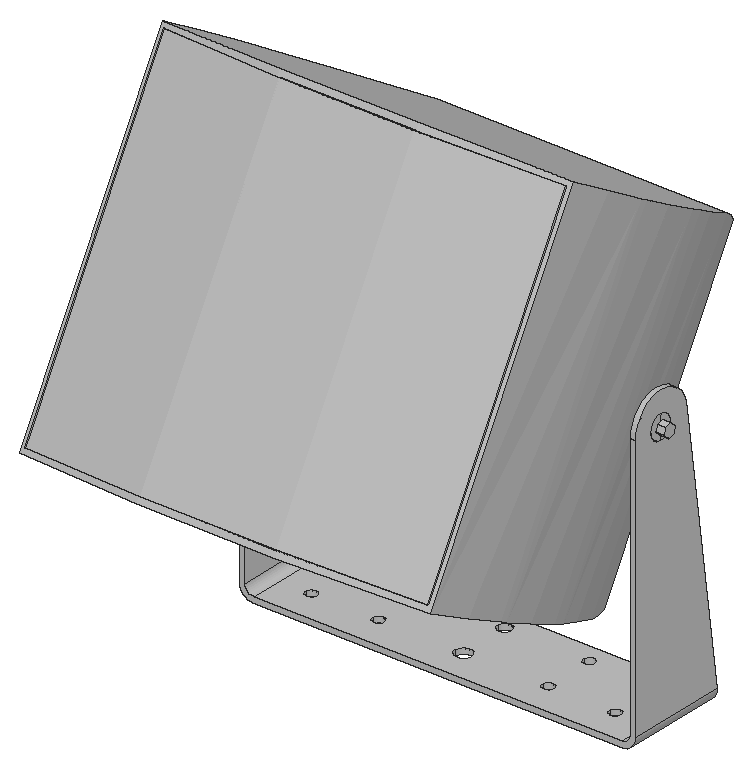
Revit family "Electronics_Community_Biamp_Three-Way-Full-Range-Weather-Resistant-Loudspeaker_R35-3896-EN", category Communication Devices, host Face, Revit 2020
Family settings
  Host = Face
  Maintain Annotation Orientation = No
  Round Connector Dimension = Use Diameter
  Part Type = Normal
  OmniClass Number = 23.85.10.11.14.14.14
  OmniClass Title = Loudspeakers
  Cut with Voids When Loaded = No
  Shared = No
  Room Calculation Point = No
Parameters (values of type "R.35-3896-EN")
  Yoke Material = Biamp - Metal - Gray
  Width = 12.99213"  # constant formula
  Weight = 34.00 lbf  # constant formula
  Visib_For2D [instance] = Rotate angle = 0.00°  # no
  Version = 1
  URL = "https://www.biamp.com/"
  Triaxial Transducers = "LF  1 x 8 Carbon ring hydrophobically-treated cone, 3 VC MF 2 x 2.35 MultiSource Waveguide™ compression HF  1 x 1 exit compression"  # constant formula
  Shipping Weight = 40.00 lbf  # constant formula
  Sensitivity = "Music; 1W/1m - 98 dB, 1W/4m - 82.4 dB;  Speech; 1W/1m - 100 dB"  # constant formula
  Rotate angle [instance] = 30.00°
  Required Accessories = "Digital Signal Processor;  80 Hz 24 dB / Octave High Pass Filter"  # constant formula
  Product data url = "https://bimobject.com/biamp/product/r-35-3896-en_community-en54-24"
  Product Page URL = "https://www.biamp.com/products/product-families/community/point-source#r-35-3896"
  Product Documentation Link = "https://downloads.biamp.com/assets/docs/default-source/data-sheets/biamp_data_sheet_community_r-35-3896_oct21.pdf"
  Operating Range = "95 Hz to 19 kHz"  # constant formula
  Operating Mode = "Passive, Selectable Low Impedance or 70V/100V"  # constant formula
  Operating Environment = "All Conditions, suitable for continuous outdoor direct exposure"  # constant formula
  Nominal Maximum SPL (Whole Space) = "Music - 1m - Continuius 124 dB, Peak 130dB; 4m - Continuius 103.4; Speech - 1m - Continuius 126 dB, Peak 132dB"  # constant formula
  Nominal Beamwidth = "90° x 60°"  # constant formula
  Nom angle [instance] = if(or(Rotate angle < 0.00°, Rotate angle = 0.00°), 0.00°, if(and(Rotate angle > 0.00°, Rotate angle < 170.00°), Rotate angle, if(or(Rotate angle > 170.00°, Rotate angle = 170.00°), 170.00°, 0.00°)))  # 30.00°
  Mounting/Suspension Points = "Two M8 rigging points, zinc-rich epoxy dual-layer powder-coated yoke, included integral safety cable mounting point"  # constant formula
  Model = "R.35-3896-EN"  # constant formula
  Manufacturer = "Biamp"  # constant formula
  Input Panel Weather Cover = "Color-matched ABS plastic with 13.5mm ID gland nut installed in 21mm knockout"  # constant formula
  Input Connection = "NL4 Speakon-type connector for low impedance operation only; and 7-position terminal strip for low impedance or constant voltage operation"  # constant formula
  Housing Material = Biamp - Plastic - Gray
  Height = 10.98425"  # constant formula
  Grill Material = Biamp - Plastic - Gray(Grid)
  Environmental = "IP55W per IEC 60529 (with a recommended 5° down-tilt); designed to meet MIL-STD-810G standard"  # constant formula
  Description = "R.35-3896-EN Three-Way Full-Range (90° x 60°) Weather-Resistant Loudspeaker"  # constant formula
  Depth = 13.50394"  # constant formula
  Default Elevation = 48.00"
  Declared values of SPL 1-3 Oct band CPB,1W-4m, per EN54-24 (Hz dB) = "500: 69.3, 630: 69.7, 800: 69.2, 1000: 69.2,1250: 70.5, 1600: 69.1, 2000: 67.5, 2500: 70.8,3150: 69.4, 4000: 71.7"  # constant formula
  Date Updated = ""
  Date Created = "2023/08/21"
  Coverage (-6dB) Horiz Vert per EN54-24 = "500Hz: 146 / 180 1 kHz: 110 / 110 ; 2 kHz: 88 / 103  4 kHz: 81 / 46"  # constant formula
  Continuous Power Handling @ Nominal Impedance = "56V; 400W @ 8 ohms (1600W peak)"  # constant formula
  Connector Description = "NL4, 2-position terminal strip; Low Impedance 8 ohm, 70V/100V operation"  # constant formula
  Autoformer Taps/Impedance = "25W (70V), 50W (100V) Tap: 143 Ω 50W (70V), 100W (100V) Tap: 75 Ω; 100W (70V), 200W (100V) Tap: 41 Ω 200W (70V), N/A (100V) Tap: 23 Ω"  # constant formula
Reference planes (in)
  plane 1 "Center (Front/Back)": y = 0
  plane 2: z = 0
  plane 3 "Center (Left/Right)": x = 0
  plane 4: z = 8.53543
Forms (in)
  Sweep 1, solid, material "Biamp - Metal - Gray" <- "Yoke Material", detail levels coarse
    path origin (0, 0.66952, 0) x (1, 0, 0) y (0, 1, 0)
      loop
        line (0, -1.58406) -> (0, 1.58406)
    profile origin (0, 0.66952, 0) x (-1, 0, 0) y (0, 0, 1)
      loop
        line (6.05709, 0) -> (6.05709, 9.52756) -> (5.89961, 9.52756) -> (5.89961, 0.15748) -> (-5.89961, 0.15748) -> (-5.89961, 9.52756) -> (-6.05709, 9.52756) -> (-6.05709, 0) -> (6.05709, 0)
  Sweep 2, void
    path origin (0, 0.66952, 0) x (1, 0, 0) y (0, 1, 0)
      loop
        line (-6.05709, 0) -> (6.05709, 0)
    profile origin (0, 0.66952, 0) x (0, 1, 0) y (0, 0, 1)
      loop
        line (1.58406, 0) -> (1.58406, 9.84252) -> (0.20075, 9.84252) -> (1.58406, 0)
      loop
        circle (-0.66952, 8.53543) r 0.25591
  Sweep 3, solid, material "Biamp - Metal - Gray" <- "Yoke Material", detail levels medium+fine
    path origin (0, 0.66952, 0) x (1, 0, 0) y (0, 1, 0)
      loop
        line (0, -1.58406) -> (0, 1.58406)
    profile origin (0, 0.66952, 0) x (-1, 0, 0) y (0, 0, 1)
      loop
        arc (5.66339, 0) -> (5.94177, 0.11531) -> (6.05709, 0.3937) r 0.3937
        line (6.05709, 0.3937) -> (6.05709, 9.52756) -> (5.89961, 9.52756) -> (5.89961, 0.43574)
        arc (5.89961, 0.43574) -> (5.81811, 0.23898) -> (5.62135, 0.15748) r 0.27826
        line (5.62135, 0.15748) -> (-5.62135, 0.15748)
        arc (-5.62135, 0.15748) -> (-5.81811, 0.23898) -> (-5.89961, 0.43574) r 0.27826
        line (-5.89961, 0.43574) -> (-5.89961, 9.52756) -> (-6.05709, 9.52756) -> (-6.05709, 0.3937)
        arc (-6.05709, 0.3937) -> (-5.94177, 0.11531) -> (-5.66339, 0) r 0.3937
        line (-5.66339, 0) -> (5.66339, 0)
  Sweep 4, void
    path origin (0, 0, 0) x (1, 0, 0) y (0, 1, 0)
      loop
        line (-6.05709, 0) -> (6.05709, 0)
    profile origin (0, 0, 0) x (0, 1, 0) y (0, 0, 1)
      loop
        arc (-0.91453, 8.53543) -> (0.06972, 9.51969) -> (1.05397, 8.53543) r 0.98425
        line (1.05397, 8.53543) -> (1.05397, 9.91339) -> (-0.91453, 9.91339) -> (-0.91453, 8.53543)
  Extrusion 5, void
    sketch origin (0, 0, 0) x (1, 0, 0) y (0, 1, 0)
      loop
        circle (2.59843, 1.64452) r 0.17717
      loop
        circle (4.64961, 1.64452) r 0.17717
      loop
        circle (2.59843, 0.06972) r 0.17717
      loop
        circle (4.64961, 0.06972) r 0.17717
      loop
        circle (-2.59843, 1.64452) r 0.17717
      loop
        circle (-4.64961, 1.64452) r 0.17717
      loop
        circle (-2.59843, 0.06972) r 0.17717
      loop
        circle (-4.64961, 0.06972) r 0.17717
      loop
        circle (0, 1.64452) r 0.21654
      loop
        circle (0, 0.06972) r 0.25591
    from 0 to 0.15748
  Revolve 6, solid, material "Biamp - Metal - Gray" <- "Yoke Material"
    sketch origin (0, 0, 0) x (1, 0, 0) y (0, 0, 1)
      loop
        line (-6.05709, 8.77613) -> (-6.05709, 8.896) -> (-6.0892, 8.896) -> (-6.0892, 8.53543) -> (-5.7296, 8.53543) -> (-5.7296, 8.77613) -> (-6.05709, 8.77613)
      loop
        line (6.05709, 8.77613) -> (5.7296, 8.77613) -> (5.7296, 8.53543) -> (6.0892, 8.53543) -> (6.0892, 8.896) -> (6.05709, 8.896) -> (6.05709, 8.77613)
      axis (-6.0892, 8.53543) -> (6.0892, 8.53543)
    angle from 0 to 360
  Sweep 7, solid, material "Biamp - Metal - Gray" <- "Yoke Material", detail levels medium+fine
    path origin (0, 0, 0) x (1, 0, 0) y (0, 1, 0)
      loop
        line (-6.0892, 0) -> (-6.37079, 0)
    profile origin (-6.22999, 0, 0) x (0, -1, 0) y (0, 0, 1)
      loop
        line (-0.05214, 8.73002) -> (-0.19459, 8.58757) -> (-0.14245, 8.39298) -> (0.05214, 8.34084) -> (0.19459, 8.48329) -> (0.14245, 8.67788) -> (-0.05214, 8.73002)
  Sweep 8, solid, material "Biamp - Metal - Gray" <- "Yoke Material", detail levels medium+fine
    path origin (0, 0, 0) x (-1, 0, 0) y (0, 1, 0)
      loop
        line (-6.0892, 0) -> (-6.37079, 0)
    profile origin (6.22999, 0, 0) x (0, 1, 0) y (0, 0, 1)
      loop
        line (0.05214, 8.73002) -> (-0.14245, 8.67788) -> (-0.19459, 8.48329) -> (-0.05214, 8.34084) -> (0.14245, 8.39298) -> (0.19459, 8.58757) -> (0.05214, 8.73002)
Cuts and joins
  Sweep 2, Extrusion 5 cuts Sweep 1
  Sweep 2, Sweep 4, Extrusion 5 cuts Sweep 3
Lines and regions (in)
  Masking region 1, visible <- "Visib_For2D"
    outline origin (0, 0, 0) x (1, 0, 0) y (0, 1, 0)
      loop
        line (-6.05709, 2.25358) -> (-6.05709, -0.91453) -> (6.05709, -0.91453) -> (6.05709, 2.25358) -> (-6.05709, 2.25358)
  reference lines
    curve 1: line (0, 0, 8.53543) -> (0, -2.94884, 10.23795)
Dimensions and locks (in)
  "Nom angle": angle plane 4 to curve 1
  aligned and locked: plane 2 to host face
  aligned and locked: level to host face
  aligned and locked: plane 4 to curve 1
  aligned and locked: plane 1 "Center (Front/Back)" to curve 1
  aligned and locked: Sweep 7 sketch curve to plane 1 "Center (Front/Back)"
Automatic sketch dimensions
  host sketch curve to host sketch curve = 96.00"  (x2)
  Sweep 1 sketch curve to plane 3 "Center (Left/Right)" = 0.00"
  plane 1 "Center (Front/Back)" to Sweep 1 sketch curve = 0.91453"
  Sweep 1 sketch curve to plane 1 "Center (Front/Back)" = 2.25358"
  Sweep 1 sketch curve to level = 0.00"
  profile plane to Sweep 1 sketch curve = 6.05709"
  Sweep 1 sketch curve to Sweep 1 sketch curve = 0.15748"  (x2)
  level to Sweep 1 sketch curve = 0.15748"
  Sweep 1 sketch curve to profile plane = 5.89961"
  Sweep 1 sketch curve to Sweep 1 sketch curve = 9.37008"  (x2)
  Sweep 2 sketch curve to plane 1 "Center (Front/Back)" = 0.66952"
  Sweep 2 sketch curve to plane 3 "Center (Left/Right)" = 6.05709"
  plane 3 "Center (Left/Right)" to Sweep 2 sketch curve = 6.05709"
  Sweep 2 sketch curve to level = 0.00"
  profile plane to Sweep 2 sketch curve = 0.66952"
  Sweep 2 sketch curve to profile plane = 0.20075"
  Sweep 2 sketch curve to Sweep 2 sketch curve = 1.38331"
  level to Sweep 2 sketch curve = 8.53543"
  Sweep 2 sketch curve to Sweep 2 sketch curve = 1.30709"
  Sweep 3 sketch curve to plane 3 "Center (Left/Right)" = 0.00"
  plane 1 "Center (Front/Back)" to Sweep 3 sketch curve = 0.91453"
  Sweep 3 sketch curve to plane 1 "Center (Front/Back)" = 2.25358"
  Sweep 3 sketch curve to level = 0.00"
  profile plane to Sweep 3 sketch curve = 6.05709"
  Sweep 3 sketch curve to Sweep 3 sketch curve = 0.15748"  (x2)
  Sweep 3 sketch curve to Sweep 3 sketch curve = 0.23622"  (x2)
  Sweep 3 sketch curve to Sweep 3 sketch curve = 0.04204"  (x2)
  level to Sweep 3 sketch curve = 0.15748"
  Sweep 3 sketch curve to profile plane = 5.62135"
  Sweep 3 sketch curve to Sweep 3 sketch curve = 9.09182"  (x2)
  plane 1 "Center (Front/Back)" to Sweep 4 sketch curve = 0.00"
  Sweep 4 sketch curve to plane 3 "Center (Left/Right)" = 6.05709"
  plane 3 "Center (Left/Right)" to Sweep 4 sketch curve = 6.05709"
  profile plane to Sweep 4 sketch curve = 0.91453"
  Sweep 4 sketch curve to profile plane = 0.06972"
  level to Sweep 4 sketch curve = 8.53543"
  Sweep 4 sketch curve to Sweep 4 sketch curve = 1.37795"
  Extrusion 5 sketch curve to plane 3 "Center (Left/Right)" = 0.00"  (x2)
  Extrusion 5 sketch curve to plane 3 "Center (Left/Right)" = 2.59843"
  Extrusion 5 sketch curve to plane 1 "Center (Front/Back)" = 0.06972"  (x5)
  Extrusion 5 sketch curve to Extrusion 5 sketch curve = 0.00"  (x4)
  Extrusion 5 sketch curve to Extrusion 5 sketch curve = 2.05118"  (x2)
  plane 3 "Center (Left/Right)" to Extrusion 5 sketch curve = 2.59843"
  Extrusion 5 sketch curve to Extrusion 5 sketch curve = 1.5748"  (x5)
  Revolve 6 sketch curve to plane 4 = 0.00"  (x3)
  Revolve 6 sketch curve to plane 3 "Center (Left/Right)" = 6.0892"
  Revolve 6 sketch curve to Revolve 6 sketch curve = 0.03211"  (x2)
  Revolve 6 sketch curve to Revolve 6 sketch curve = 0.3596"
  plane 3 "Center (Left/Right)" to Revolve 6 sketch curve = 5.7296"
  Revolve 6 sketch curve to Revolve 6 sketch curve = 0.32748"
  plane 4 to Revolve 6 sketch curve = 0.2407"  (x2)
  Revolve 6 sketch curve to Revolve 6 sketch curve = 0.11987"  (x2)
  Revolve 6 sketch curve to Revolve 6 sketch curve = 1.34584"
  Revolve 6 sketch curve to Revolve 6 sketch curve = 1.23954"
  Sweep 7 sketch curve to plane 3 "Center (Left/Right)" = 6.37079"
  Sweep 7 sketch curve to Sweep 7 sketch curve = 0.28159"
  profile plane to Sweep 7 sketch curve = 0.19459"
  profile plane to Sweep 7 sketch curve = 0.14245"
  profile plane to Sweep 7 sketch curve = 0.05214"
  Sweep 7 sketch curve to profile plane = 0.05214"
  Sweep 7 sketch curve to profile plane = 0.14245"
  Sweep 7 sketch curve to profile plane = 0.19459"
  level to Sweep 7 sketch curve = 8.34084"
  Sweep 7 sketch curve to Sweep 7 sketch curve = 0.05214"
  Sweep 7 sketch curve to Sweep 7 sketch curve = 0.14245"  (x2)
  Sweep 7 sketch curve to Sweep 7 sketch curve = 0.19459"  (x2)
  plane 1 "Center (Front/Back)" to Sweep 8 sketch curve = 0.00"
  Sweep 8 sketch curve to plane 3 "Center (Left/Right)" = 6.37079"
  Sweep 8 sketch curve to Sweep 8 sketch curve = 0.28159"
  profile plane to Sweep 8 sketch curve = 0.19459"
  profile plane to Sweep 8 sketch curve = 0.14245"
  profile plane to Sweep 8 sketch curve = 0.05214"
  Sweep 8 sketch curve to profile plane = 0.05214"
  Sweep 8 sketch curve to profile plane = 0.14245"
  Sweep 8 sketch curve to profile plane = 0.19459"
  level to Sweep 8 sketch curve = 8.34084"
  Sweep 8 sketch curve to Sweep 8 sketch curve = 0.05214"  (x2)
  Sweep 8 sketch curve to Sweep 8 sketch curve = 0.14245"
  Sweep 8 sketch curve to Sweep 8 sketch curve = 0.19459"  (x2)
  plane 1 "Center (Front/Back)" to Masking region 1 sketch curve = 0.91453"
  Masking region 1 sketch curve to plane 3 "Center (Left/Right)" = 6.05709"
  plane 3 "Center (Left/Right)" to Masking region 1 sketch curve = 6.05709"
  Masking region 1 sketch curve to plane 1 "Center (Front/Back)" = 2.25358"
  radius of Sweep 2 sketch curve = 0.25591"
  radius of Extrusion 5 sketch curve = 0.17717"  (x8)
  radius of Extrusion 5 sketch curve = 0.21654"
  radius of Extrusion 5 sketch curve = 0.25591"
Nested families (in)
  nested 1: "R.35-3896" at (0, -4.07502, 4.53729) x (1, 0, 0) z (0, 0.5, 0.866), Grill <- "Grill Material", Host <- "Housing Material", type "R.35-3896"
    with Host Biamp - Plastic - Gray, Grill Biamp - Plastic - Gray(Grid)
Connectors (in)
  electrical at (0.69314, 4.80681, 7.44897), driven by "Connector Description"
    settings: on nested 1, index 1, voltage 0 V, apparent load 0 VA, apparent load phase1 0 VA, apparent load phase2 0 VA, apparent load phase3 0 VA, power factor 1, load classification "Other", number of poles 1, system type 5, power factor state 1, is connector primary yes, connector utility no, sub classification motor no, connector description "NL4, 2-position terminal strip; Low Impedance 8 ohm, 70V/100V operation"
  electrical at (-1.16108, 4.07603, 6.18323)
    settings: on nested 1, index 2, voltage 100 V, apparent load 0 VA, apparent load phase1 800 VA, apparent load phase2 0 VA, apparent load phase3 0 VA, power factor 1, load classification "Other", number of poles 1, system type 5, power factor state 1, is connector primary no, connector utility no, sub classification motor no, connector description "NL4, 2-position terminal strip; Low Impedance 8 ohm, 70V/100V operation"
Definition of nested family "R.35-3896"
  Parameters (values of type "R.35COAX")
    Host [instance] = none
    Grill [instance] = none
    Default Elevation = 48.00"
  Reference planes (in)
    plane 1 "Center (Front/Back)": y = 0
    plane 2: z = 0
    plane 3 "Center (Left/Right)": x = 0
  Forms (in)
    Extrusion 1, solid, material <- "Host", detail levels coarse
      sketch origin (0, 0, 0) x (0, 1, 0) y (0, 0, 1)
        loop
          line (-6.74137, 11) -> (-6.74137, 0) -> (3.86333, 0.37032)
          arc (3.86333, 0.37032) -> (5.91665, 1.28452) -> (6.75863, 3.3685) r 3
          line (6.75863, 3.3685) -> (6.75863, 7.6315)
          arc (6.75863, 7.6315) -> (5.91665, 9.71548) -> (3.86333, 10.62968) r 3
          line (3.86333, 10.62968) -> (-6.74137, 11)
      from -6.49606 to 6.49606
    Extrusion 2, void
      sketch origin (0, 0, 0) x (1, 0, 0) y (0, 1, 0)
        loop
          arc (-6.27851, -5.75951) -> (0.00604, -6.6922) -> (6.29005, -5.756) r 21.59847
          spline (6.29005, -5.756) -> (6.30135, -4.86584) -> (6.27598, -3.97657) -> (6.21396, -3.0882) -> (6.11527, -2.20072) -> (5.97992, -1.31414) -> (5.80792, -0.42845) -> (5.59925, 0.45635) -> (5.35392, 1.34026) -> (5.07194, 2.22327) -> (4.75329, 3.10539) -> (4.39798, 3.98661) -> (4.00602, 4.86694)
          arc (4.00602, 4.86694) -> (0.01275, 6.72942) -> (-3.98953, 4.88641) r 5.23949
          spline (-3.98953, 4.88641) -> (-4.38234, 4.00417) -> (-4.73842, 3.12104) -> (-5.05775, 2.23701) -> (-5.34035, 1.35209) -> (-5.58621, 0.46628) -> (-5.79532, -0.42043) -> (-5.9677, -1.30804) -> (-6.10334, -2.19654) -> (-6.20224, -3.08594) -> (-6.2644, -3.97624) -> (-6.28982, -4.86742) -> (-6.27851, -5.75951)
        loop
          line (-7.22967, 7.20915) -> (-7.22967, -7.35778) -> (7.14041, -7.35778) -> (7.14041, 7.20915) -> (-7.22967, 7.20915)
      from -4.17588 to 13.9408
    Extrusion 3, solid, material <- "Host", detail levels medium+fine
      sketch origin (0, 0, 0) x (0, 1, 0) y (0, 0, 1)
        loop
          line (-6.74137, 11) -> (-6.74137, 0) -> (3.86333, 0.37032)
          arc (3.86333, 0.37032) -> (5.91665, 1.28452) -> (6.75863, 3.3685) r 3
          line (6.75863, 3.3685) -> (6.75863, 7.6315)
          arc (6.75863, 7.6315) -> (5.91665, 9.71548) -> (3.86333, 10.62968) r 3
          line (3.86333, 10.62968) -> (-6.74137, 11)
      from -6.49606 to 6.49606
    Extrusion 4, void
      sketch origin (0, 0, 0) x (1, 0, 0) y (0, 0, 1)
        loop
          line (-6.16216, 10.80625) -> (-6.16216, 0.19388) -> (6.17372, 0.19388) -> (6.17372, 10.80625) -> (-6.16216, 10.80625)
      from 5.51055 to 9.41783
    Extrusion 5, solid, material <- "Grill", detail levels medium+fine
      sketch origin (0, 0, 0) x (1, 0, 0) y (0, 1, 0)
        loop
          line (6.14863, -5.79852) -> (6.14863, -5.63419)
          arc (6.14863, -5.63419) -> (0.00642, -6.53472) -> (-6.13633, -5.63787) r 21.44099
          line (-6.13633, -5.63787) -> (-6.13633, -5.80217)
          arc (-6.13633, -5.80217) -> (0.00642, -6.6922) -> (6.14863, -5.79852) r 21.59847
      from 0.2126 to 10.79134
    Extrusion 6, void
      sketch origin (0, 0, 0) x (1, 0, 0) y (0, 0, 1)
        loop
          line (1.68965, 7.89249) -> (-1.68965, 7.89249) -> (-1.68965, 3.16808) -> (1.68965, 3.16808) -> (1.68965, 7.89249)
      from -8.74731 to -6.31479
    Extrusion 7, void
      sketch origin (0, 6.31479, 0) x (1, 0, 0) y (0, 0, 1)
        loop
          circle (0.69314, 6.9625) r 0.59055
        loop
          line (-0.96423, 7.56787) -> (-1.35793, 7.56787) -> (-1.35793, 3.43401) -> (-0.96423, 3.43401) -> (-0.96423, 7.56787)
      from 0 to 0.07874
  Cuts and joins
    Extrusion 2, Extrusion 6, Extrusion 7 cuts Extrusion 1
    Extrusion 2, Extrusion 4, Extrusion 6, Extrusion 7 cuts Extrusion 3
    Extrusion 6 cuts Extrusion 5
  Lines and regions (in)
    Masking region 1
      outline origin (0, 0, 0) x (1, 0, 0) y (0, 0, 1)
        loop
          line (-6.28228, 10.96572) -> (-6.28228, 0.03441) -> (6.29005, 0.03441) -> (6.29005, 10.96572) -> (-6.28228, 10.96572)
    Masking region 2
      outline origin (0, 0, 0) x (1, 0, 0) y (0, 1, 0)
        loop
          arc (-6.27851, -5.75951) -> (0.00604, -6.6922) -> (6.29005, -5.756) r 21.59847
          spline (6.29005, -5.756) -> (6.30135, -4.86584) -> (6.27598, -3.97657) -> (6.21396, -3.0882) -> (6.11527, -2.20072) -> (5.97992, -1.31414) -> (5.80792, -0.42845) -> (5.59925, 0.45635) -> (5.35392, 1.34026) -> (5.07194, 2.22327) -> (4.75329, 3.10539) -> (4.39798, 3.98661) -> (4.00602, 4.86694)
          arc (4.00602, 4.86694) -> (0.01275, 6.72942) -> (-3.98953, 4.88641) r 5.23949
          spline (-3.98953, 4.88641) -> (-4.38234, 4.00417) -> (-4.73842, 3.12104) -> (-5.05775, 2.23701) -> (-5.34035, 1.35209) -> (-5.58621, 0.46628) -> (-5.79532, -0.42043) -> (-5.9677, -1.30804) -> (-6.10334, -2.19654) -> (-6.20224, -3.08594) -> (-6.2644, -3.97624) -> (-6.28982, -4.86742) -> (-6.27851, -5.75951)
  Dimensions and locks (in)
    aligned and locked: level to plane 2
